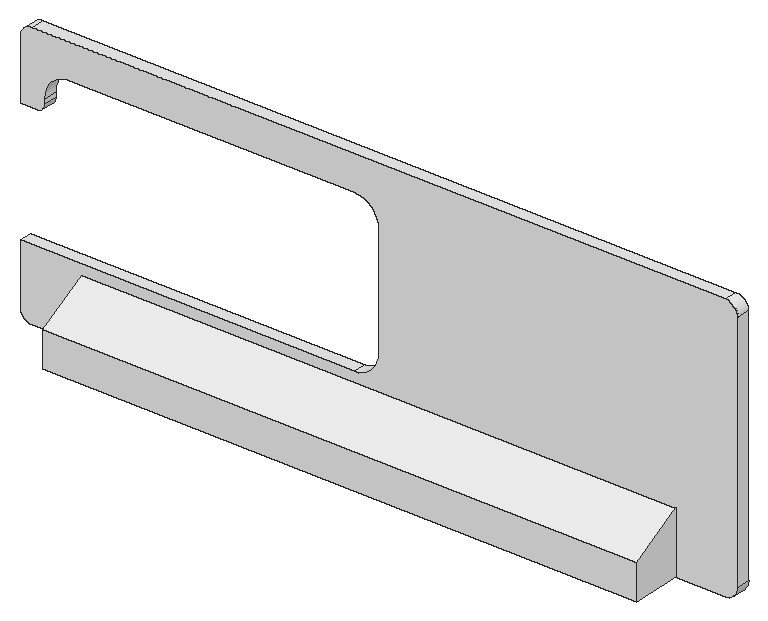
Revit family "Paper-Holder_Contemporary_Neorest_YP990_TOTO", category Furniture, host Face, Revit 2013
Parameters
  ecoScorecard_data = " "
  ecoScorecard Product Page = "  "
  Width = 0' - 11 7/16"  # constant formula
  Warranty URL = "http://www.totousa.com/warranty-registration"
  Warranty = "Lifetime Limited Warranty (Residential Use), One Year Limited (Commercial Use)"
  URL = "http://www.totousa.com"
  Toto BIM Number = "BM-00231"  # constant formula
  Subcategory = "Accessories"  # constant formula
  Style = "Contemporary"  # constant formula
  Spec Sheet URL = "http://assets.totousa.com/product-files/SS-00009_YB990_YC990_YH990_YP990.pdf"
  Shipping Weight = 2.50 lbf  # constant formula
  Series = "Neorest"  # constant formula
  Product Page URL = " "
  Parts Manual URL = " "
  Owners Manual URL = "  "
  Model = "YP990"  # constant formula
  Manufacturer Toll Free Phone = "1-888-295-8134"  # constant formula
  Manufacturer Phone = "(770) 282-8686 "  # constant formula
  Manufacturer Fax = "(770) 282-0002"  # constant formula
  Manufacturer Email = "mailto:custservice@totousa.com "
  Manufacturer Address = "1155 Southern Road, Morrow, Georgia 30260"  # constant formula
  Manufacturer = "TOTO USA, Inc."  # constant formula
  Height = 0' - 1"  # constant formula
  Finish = Metal - TOTO - Chrome - Polished
  Description = "Paper Holder"  # constant formula
  Depth = 0' - 4 1/4"  # constant formula
  Default Elevation = 2' - 0"
  Cost Info = "mailto:custservice@totousa.com "
  Color Availability = "#CP  Polished Chrome"  # constant formula
  CAD Drawing URL = "http://assets.totousa.com/product-files/AD-00113_YP990.dxf"
  Assembly Code = "C1030200"
  95 CSI = "10800"
  04 CSI = "10 28 00"
Reference planes (in)
  plane 1 "Center (Front/Back)": y = 0
  plane 2: z = 0
  plane 3 "Center (Left/Right)": x = 0
  plane 4: x = -5.71875
  plane 5: x = 5.71875
  plane 6: z = 4.25
  plane 7: y = 0.49311
  plane 8: y = -0.50689
  plane 9: y = 0.28209
  plane 10: x = -4.73425
  plane 11: x = 4.73425
Lines and regions (in)
  Masking region 1
    outline origin (0, 0, 0) x (1, 0, 0) y (0, 0, 1)
      loop
        line (5.52151, 4.25) -> (-5.52151, 4.25)
        arc (-5.52151, 4.25) -> (-5.66098, 4.19223) -> (-5.71875, 4.05276) r 0.19724
        line (-5.71875, 4.05276) -> (-5.71875, 3.1063) -> (-5.44277, 3.1063)
        arc (-5.44277, 3.1063) -> (-5.35897, 3.14101) -> (-5.32426, 3.2248) r 0.1185
        line (-5.32426, 3.2248) -> (-5.32426, 3.30354)
        arc (-5.32426, 3.30354) -> (-5.20922, 3.58127) -> (-4.9315, 3.69631) r 0.39277
        line (-4.9315, 3.69631) -> (-0.39449, 3.69631)
        arc (-0.39449, 3.69631) -> (-0.11554, 3.58077) -> (0, 3.30182) r 0.39449
        line (0, 3.30182) -> (0, 1.53858)
        arc (0, 1.53858) -> (-0.11554, 1.25964) -> (-0.39449, 1.14409) r 0.39449
        line (-0.39449, 1.14409) -> (-5.71875, 1.14409) -> (-5.71875, 0.19724)
        arc (-5.71875, 0.19724) -> (-5.66098, 0.05777) -> (-5.52151, 0) r 0.19724
        line (-5.52151, 0) -> (5.52151, 0)
        arc (5.52151, 0) -> (5.66098, 0.05777) -> (5.71875, 0.19724) r 0.19724
        line (5.71875, 0.19724) -> (5.71875, 4.05276)
        arc (5.71875, 4.05276) -> (5.66098, 4.19223) -> (5.52151, 4.25) r 0.19724
Dimensions and locks (in)
  "Width": plane 5 to plane 4
  equal spacing: plane 5, plane 3 "Center (Left/Right)", plane 4
  "Depth": plane 6 to plane 2
  locked: plane 8 to plane 9 at 0.78898
  "Height": plane 8 to plane 7
  locked: plane 10 to plane 11 at 9.4685
  equal spacing: plane 10, plane 3 "Center (Left/Right)", plane 11
  locked: Masking region 1 sketch curve to plane 4 at 0  (x2)
  locked: Masking region 1 sketch curve to level at 0
  locked: Masking region 1 sketch curve to plane 6 at 0
  locked: plane 5 to Masking region 1 sketch curve at 0
  locked: plane 4 to Masking region 1 sketch curve at 0.19724  (x2)
  locked: plane 4 to Masking region 1 sketch curve at 0.39449
  locked: Masking region 1 sketch curve to plane 10 at 0.19724
  locked: Masking region 1 sketch curve to plane 3 "Center (Left/Right)" at 0.39449  (x2)
  locked: plane 5 to Masking region 1 sketch curve at 0.19724
  locked: Masking region 1 sketch curve to Masking region 1 sketch curve at 0.94685
  locked: Masking region 1 sketch curve to plane 6 at 1.1437
  locked: Masking region 1 sketch curve to Masking region 1 sketch curve at 0.19724
  locked: Masking region 1 sketch curve to plane 6 at 0.19724
  locked: Masking region 1 sketch curve to plane 3 "Center (Left/Right)" at 0
  locked: Masking region 1 sketch curve to Masking region 1 sketch curve at 0.1185
  aligned and locked: plane 2 to host face
  aligned and locked: level to host face
  aligned and locked: plane 3 "Center (Left/Right)" to nested 1
  aligned and locked: plane 1 "Center (Front/Back)" to nested 1
Automatic sketch dimensions
  host sketch curve to host sketch curve = 8' - 0"  (x2)
Nested families (in)
  nested 1: "YP990" at (0, 0, 0), type "YP990"
Definition of nested family "YP990"
  Parameters (values of type "YP990")
    Width = 0' - 11 7/16"  # constant formula
    URL = "http://www.totousa.com"
    Shipping Weight = 2.50 lbf
    Model = "YP990"  # constant formula
    Manufacturer = ""
    Height = 0' - 1"  # constant formula
    Finish = Metal - TOTO - Chrome - Polished
    Description = "Paper Holder"  # constant formula
    Depth = 0' - 4 1/4"  # constant formula
    Default Elevation = 2' - 0"
    Assembly Code = ""
  Reference planes (in)
    plane 1 "Center (Front/Back)": y = 0
    plane 2: z = 0
    plane 3 "Center (Left/Right)": x = 0
    plane 4: x = -5.71875
    plane 5: x = 5.71875
    plane 6: z = 4.25
    plane 7: y = 0.49311
    plane 8: y = -0.50689
    plane 9: y = 0.28209
    plane 10: x = -4.73425
    plane 11: x = 4.73425
  Forms (in)
    Extrusion 1, solid
      sketch origin (0, 0, 0) x (1, 0, 0) y (0, 1, 0)
        loop
          line (-48, 48) -> (-48, -48) -> (48, -48) -> (48, 48) -> (-48, 48)
      from 0 to -12
    Extrusion 2, solid, material "Metal - TOTO - Chrome - Polished" <- "Finish"
      sketch origin (0, 0, 0) x (1, 0, 0) y (0, 0, 1)
        loop
          arc (5.52151, 0) -> (5.66098, 0.05777) -> (5.71875, 0.19724) r 0.19724
          line (5.71875, 0.19724) -> (5.71875, 4.05276)
          arc (5.71875, 4.05276) -> (5.66098, 4.19223) -> (5.52151, 4.25) r 0.19724
          line (5.52151, 4.25) -> (-5.52151, 4.25)
          arc (-5.52151, 4.25) -> (-5.66098, 4.19223) -> (-5.71875, 4.05276) r 0.19724
          line (-5.71875, 4.05276) -> (-5.71875, 3.10802) -> (-5.44277, 3.10802)
          arc (-5.44277, 3.10802) -> (-5.35897, 3.14273) -> (-5.32426, 3.22653) r 0.1185
          line (-5.32426, 3.22653) -> (-5.32426, 3.30527)
          arc (-5.32426, 3.30527) -> (-5.20922, 3.58299) -> (-4.9315, 3.69803) r 0.39277
          line (-4.9315, 3.69803) -> (-0.39449, 3.69803)
          arc (-0.39449, 3.69803) -> (-0.11554, 3.58249) -> (0, 3.30354) r 0.39449
          line (0, 3.30354) -> (0, 1.53858)
          arc (0, 1.53858) -> (-0.11554, 1.25964) -> (-0.39449, 1.14409) r 0.39449
          line (-0.39449, 1.14409) -> (-5.71875, 1.14409) -> (-5.71875, 0.19724)
          arc (-5.71875, 0.19724) -> (-5.66098, 0.05777) -> (-5.52151, 0) r 0.19724
          line (-5.52151, 0) -> (5.52151, 0)
      from -0.49311 to -0.28209
    Extrusion 3, solid, material "Metal - TOTO - Chrome - Polished" <- "Finish"
      sketch origin (-11.18049, -0.32755, 0) x (0, 1, 0) y (0, 0, 1)
        loop
          line (-0.17934, 0) -> (0.60964, 0) -> (0.60964, 0.98622) -> (-0.17934, 0.54882) -> (-0.17934, 0)
      from 6.44624 to 15.91474
  Dimensions and locks (in)
    "Width": plane 5 to plane 4
    equal spacing: plane 5, plane 3 "Center (Left/Right)", plane 4
    "Depth": plane 6 to plane 2
    locked: Extrusion 3 sketch curve to Extrusion 3 sketch curve at 0.54882
    locked: Extrusion 3 sketch curve to Extrusion 3 sketch curve at 0.4374
    locked: Extrusion 2 sketch curve to plane 4 at 0  (x2)
    locked: Extrusion 2 sketch curve to plane 6 at 0
    locked: Extrusion 2 sketch curve to level at 0
    locked: Extrusion 2 sketch curve to plane 3 "Center (Left/Right)" at 0
    locked: plane 5 to Extrusion 2 sketch curve at 0
    locked: plane 4 to Extrusion 2 sketch curve at 0.19724
    locked: level to Extrusion 2 sketch curve at 0.19724
    locked: plane 4 to Extrusion 2 sketch curve at 0.27598
    locked: Extrusion 2 sketch curve to Extrusion 2 sketch curve at 0.1185
    locked: Extrusion 2 sketch curve to plane 10 at 0.19724
    locked: Extrusion 2 sketch curve to plane 3 "Center (Left/Right)" at 0.39449  (x2)
    locked: plane 5 to Extrusion 2 sketch curve at 0.19724  (x2)
    locked: Extrusion 2 sketch curve to Extrusion 2 sketch curve at 0.94685
    locked: Extrusion 2 sketch curve to plane 6 at 0.94646
    locked: Extrusion 2 sketch curve to Extrusion 2 sketch curve at 0.19724
    locked: plane 8 to plane 9 at 0.78898
    "Height": plane 8 to plane 7
    locked: plane 10 to plane 11 at 9.4685
    equal spacing: plane 10, plane 3 "Center (Left/Right)", plane 11
    aligned and locked: plane 2 to Extrusion 1
    aligned and locked: level to Extrusion 1
    aligned and locked: Extrusion 3 to plane 10
    aligned and locked: Extrusion 3 to plane 11
    aligned and locked: plane 6 to Extrusion 2
    aligned and locked: Extrusion 2 to plane 5
    aligned and locked: Extrusion 3 to plane 2
    aligned and locked: Extrusion 2 to plane 2
    aligned and locked: Extrusion 2 to plane 4
    aligned and locked: plane 10 to Extrusion 3  (x2)
    aligned and locked: plane 11 to Extrusion 3  (x2)
    aligned and locked: plane 9 to Extrusion 3 sketch curve
    aligned and locked: Extrusion 3 sketch curve to plane 8
    aligned and locked: Extrusion 3 sketch curve to plane 2
    aligned and locked: plane 7 to Extrusion 2
    aligned and locked: Extrusion 2 to plane 9
  Automatic sketch dimensions
    Extrusion 1 sketch curve to Extrusion 1 sketch curve = 8' - 0"  (x2)
